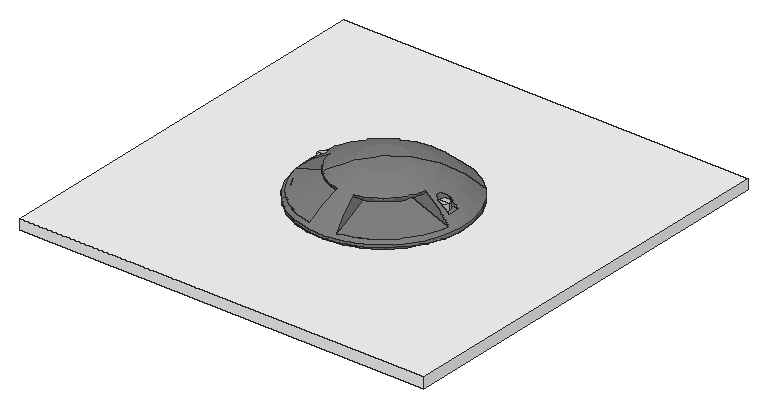
Revit family "BE_77069_de_DE", category Leuchten, Revit 2020
Family settings
  Basisbauteil = Fläche
  Bemaßung runder Anschluss = Durchmesser verwenden
  Teiletyp = Normal
  Beim Laden mit Abzugskörper schneiden = Ja
  Lichtquelle = Ja
  Gemeinsam genutzt = Nein
  Raumberechnungspunkt = Ja
Parameters (values of type "BEGA_77069_Grafit_K27")
  built-in parameter 1150104 = 8.129 (stored number, unit not read)
  Wattage = 1.2 W
  Default Elevation = 0 mm
  built-in parameter 1150113 = 1 (stored number, unit not read)
  built-in parameter 1114218 = 1 (stored number, unit not read)
  Umgebungstemperatur = "25 °C"
  URL = "https://www.bega.com/de/produkt/77069"
  Typenkommentare = "© 2022 BEGA. Wir behalten uns das Recht vor, technische Änderungen ohne vorherige Ankündigung vorzunehmen."  # constant formula
  Type Image = 77069.png
  built-in parameter 1150134 = (empty or 0)
  built-in parameter 1150109 = 1 (stored number, unit not read)
  Strom = ""
  built-in parameter 1150110 = 1 (stored number, unit not read)
  Spannung = 23.9969 V
  Sonderanfertigung = no
  Sockeltyp = ""
  Sockelanzahl = ""
  Seriennummer [instance] = "Hier können Sie die eindeutige Seriennummer für das Facility Management eintragen."
  Schutzklasse = "III"
  Schutzart = "IP 67"
  Scheinlast = 0 VA
  Produktdatenblatt = "https://cdn.bega.com/bega/products/77069K27/current/documents/data-sheets/de"
  Oberflächentemperatur = "15 °C"
  Neigungswinkel = 0.00°
  Modell = "77069K27"
  Material_17 = BEGA_Reflektor
  Material_15 = BEGA_Leuchtmedium_matt
  Material_11 = BEGA_Glas_opal
  Material_09 = BEGA_Glas_klar
  Material_06 = BEGA_Oberfläche_Edelstahl_gebürstet
  Material_03 = BEGA_Oberfläche_Weiss_matt
  Material_02 = BEGA_Oberfläche_Silber_matt
  Material_01 [instance] = BEGA_Oberfläche_Grafit_matt
  M_W = no
  M_G = yes
  M_A = no
  Logo = 0
  built-in parameter 1114217 = 1 (stored number, unit not read)
  built-in parameter 1150139 = (empty or 0)
  built-in parameter 1150105 = 8.3556 (stored number, unit not read)
  built-in parameter 1150114 = 1 (stored number, unit not read)
  Lumens = 105 lm
  built-in parameter 1150115 = 1 (stored number, unit not read)
  Leuchtenlichtstrom = "20 lm"
  Leuchtenanzahl = ""
  Lebensdauerkriterien = "L70B50 @ 25 °C = 200000 h"
  Lastklassifizierung = Beleuchtung
  built-in parameter 1150112 = 1 (stored number, unit not read)
  Lampenlichtstrom = "135 lm"
  Lampe = "LED 1.1 W"
  LED_Modulbezeichnung = "LED-0287/827"
  built-in parameter 1150142 = (empty or 0)
  Hersteller = "BEGA"  # constant formula
  Halbstreuwinkel = ""
  Gewicht = "0.95 kg"
  Gebrauchslageneinschränkung [instance] = ""
  Frequenz = ""
  Farbwiedergabeindex = "CRI > 80"
  Farbtemperaturverschiebung bei Dämpfen der Lampe = <Keine Auswahl>
  Farbtemperatur = "2700 K"
  Farbfilter = 16777215
  Erdstück = no
  built-in parameter 1150133 = 10 (stored number, unit not read)
  Energieeffizienzklasse = "LED A++ - A"
  built-in parameter 1150137 = (empty or 0)
  built-in parameter 1150132 = (empty or 0)
  Einbaugehäuse = no
  ENEC = "ja"
  Dimmbar [instance] = "on/off"
  Datei für fotometrisches Netz = "BE_77069K27.IES"
  CE_Konformität = "ja"
  Bestellnummer_Erdstück = if(Erdstück, "70894", "---")  # "---"
  Bestellnummer = "77069K27"
  Beschreibung_Sonderanfertigung = "Hier können Sie Informationen zur Sonderanfertigung eintragen."
  Beschreibung = "Bodenaufbauleuchte"
  built-in parameter 1150106 = 0.083556 (stored number, unit not read)
  Belastbarkeit = "1000 kg"
  Befestigungsbohrung = "Ø 6,5 mm"
  Befestigungsabstand = ""
  Ballwurfsicher = ""
  BEGA_Intern_aus = yes
  BEGA_Intern_an = yes
  BEGA_Intern_Konstruktion = yes
  BEGA_Intern = yes
  BEGA_IES = yes
  BEGA_Dummy = no
  Anschlussleitung = "1.8 m 05RN8-F 2 × 1²"
  Anschlussleistung [instance] = "1.3 W"
  Anschlusskasten = ""
  built-in parameter 1150107 = 3000 (stored number, unit not read)
  built-in parameter 1150102 = (empty or 0)
  built-in parameter 1150138 = (empty or 0)
  Aktualisierung = "2022-05-19T04:00:07"
  Abstand_zur_angestrahlten_Fläche [instance] = ""
  AC/DC = "DC"
Types (3, lengths in mm): name | built-in parameter 1150104 | built-in parameter 1150134 | Modell | built-in parameter 1150105 | Lumens | Leuchtenlichtstrom | Lampenlichtstrom | LED_Modulbezeichnung | Farbtemperatur | Datei für fotometrisches Netz | Bestellnummer | built-in parameter 1150106 | built-in parameter 1150107
  BEGA_77069_Grafit_K4 | 8.8258 (stored number, unit not read) | 12 | "77069K4" | 9.0718 (stored number, unit not read) | 114 lm | "21 lm" | "145 lm" | "LED-0287/840" | "4000 K" | "BE_77069K4.IES" | "77069K4" | 0.090718 (stored number, unit not read) | 4000 (stored number, unit not read)
  BEGA_77069_Grafit_K3 | 8.129 (stored number, unit not read) | (empty or 0) | "77069K3" | 8.3556 (stored number, unit not read) | 105 lm | "20 lm" | "135 lm" | "LED-0287/830" | "3000 K" | "BE_77069K3.IES" | "77069K3" | 0.083556 (stored number, unit not read) | 3000 (stored number, unit not read)
  BEGA_77069_Grafit_K27 | 8.129 (stored number, unit not read) | (empty or 0) | "77069K27" | 8.3556 (stored number, unit not read) | 105 lm | "20 lm" | "135 lm" | "LED-0287/827" | "2700 K" | "BE_77069K27.IES" | "77069K27" | 0.083556 (stored number, unit not read) | 3000 (stored number, unit not read)
Reference planes
  plane 1 "Mitte (Vorne/Hinten)": y = 0
  plane 2: z = 0
  plane 3 "Mitte (Links/Rechts)": x = 0
  plane 4 "Links": x = -80
  plane 5 "Rechts": x = 80
  plane 6 "Unten": y = -80
  plane 7 "Oben": y = 80
  plane 8 "Vorne": z = 37.765
  plane 9 "Hinten": z = 0
Forms (mm)
  Extrusion 1, solid, material "BEGA_Platte_Weiss"
    sketch origin (0, -1119.2, 0) x (1, 0, 0) y (0, 1, 0)
      loop
        line (-200, 1319.2) -> (-200, 919.2) -> (200, 919.2) -> (200, 1319.2) -> (-200, 1319.2)
    from 0 to -10
  Extrusion 2, solid, material "BEGA_Dummy_matt", visible <- "BEGA_Dummy"
    sketch origin (77.149, -76.023, 0) x (1, 0, 0) y (0, 1, 0)
      loop
        circle (-77.149, 76.023) r 79.5
    from 0 to 37.765
Dimensions and locks
  plane 1 "Mitte (Vorne/Hinten)" to Extrusion 1 = 200 mm
  aligned and locked: plane 2 to Extrusion 1
  aligned and locked: level to Extrusion 1
Nested families
  nested 1: "BE_77069" at (0, 0, 0) x (-0.7071, -0.7071, 0) z (0, 0, 1), type "BE_77069"
Connectors
  electrical at (0, 0, 0), driven by "Lastklassifizierung", driven by "Spannung", driven by "Scheinlast"
    settings: index 1, voltage 23.9969 V, apparent load 0 VA, apparent load phase1 0 VA, apparent load phase2 0 VA, apparent load phase3 0 VA, power factor 1, load classification "Beleuchtung", number of poles 1, system type 31, power factor state 1, is connector primary yes, connector utility no, sub classification motor no, connector description ""
Definition of nested family "BE_77069"
  Parameters (values of type "BE_77069")
    Default Elevation = 1 mm
    URL = "http://www.bega.de/de/produkt"
    Type Comments = "© 2015 BEGA. Wir behalten uns das Recht vor, technische Änderungen ohne vorherige Ankündigung vorzunehmen. "  # constant formula
    Type Image = (empty or 0)
    Material_17 = none
    Material_15 = none
    Material_11 = none
    Material_09 = none
    Material_06 = none
    Material_03 = none
    Material_02 = none
    Material_01 = none
    M_W = yes
    M_G = yes
    M_A = yes
    Länge_Platte = 200 mm  # constant formula
    Höhe_Platte = -10 mm  # constant formula
    Manufacturer = "BEGA"  # constant formula
    Breite_Platte = 200 mm  # constant formula
  Reference planes
    plane 1 "Mitte (Oben/Unten)": y = 0
    plane 2: z = 0
    plane 3 "Mitte (Links/Rechts)": x = 0
    plane 4 "Vorne": z = 37.765
    plane 5 "Links": x = -79.5
    plane 6 "Oben": y = 79.502
    plane 7 "Unten": y = -79.501
    plane 8: x = 79.5
  Forms (mm)
    Extrusion 1, solid, detail levels medium
      sketch origin (0, 0, 0) x (1, 0, 0) y (0, 1, 0)
        loop
          line (-100, 100) -> (-100, -100) -> (100, -100) -> (100, 100) -> (-100, 100)
      from 0 to -10 <- "Höhe_Platte"
    Revolve 2, solid, material <- "Material_01", detail levels medium+fine
      sketch origin (0, 0, 0) x (1, 0, 0) y (0, 0, 1)
        loop
          arc (0, 37.75) -> (-43.272, 28.837) -> (-79.5, 3.549) r 109.5
          line (-79.5, 3.549) -> (-79.5, 0.75)
          arc (-79.5, 0.75) -> (-79.354, 0.396) -> (-79, 0.25) r 0.5
          line (-79, 0.25) -> (-73, 0.25) -> (-73, 5.999) -> (-44.548, 5.999) -> (-44.548, 10.74) -> (-32, 10.74) -> (-32, 27.75) -> (0, 27.75) -> (0, 37.75)
        axis (0, 37.75) -> (0, 0.25)
      angle from 0 to 360
    Revolve 3, solid, material <- "Material_01", detail levels medium+fine
      sketch origin (0, 0, 0) x (1, 0, 0) y (0, 0, 1)
        loop
          line (-46.583, 2) -> (-46.583, 4) -> (-72.478, 4) -> (-72.478, 5.999) -> (-44.5, 5.999) -> (-44.5, 2) -> (-25.5, 2) -> (-25.5, 0) -> (-44.5, 0)
          arc (-44.5, 0) -> (-45.914, 0.586) -> (-46.5, 2) r 2
        axis (0, 0) -> (0, 5.999)
      angle from 0 to 360
    Revolve 4, void
      sketch origin (0, 0, 0) x (1, 0, 0) y (0, 0, 1)
        loop
          line (45.956, 24.034) -> (31.271, 23.264) -> (31.271, 15.25) -> (33, 15.25) -> (76.979, 6.701)
          arc (76.979, 6.701) -> (62.891, 18.428) -> (47.044, 27.64) r 109.498
          arc (47.044, 27.64) -> (47.771, 25.453) -> (45.956, 24.034) r 2
        axis (0, 6.701) -> (0, 27.64)
      angle from -34.969 to 35.019
    Revolve 5, void
      sketch origin (0, 0, 0) x (0, 1, 0) y (0, 0, 1)
        loop
          line (45.956, 24.034) -> (31.271, 23.264) -> (31.271, 15.25) -> (33, 15.25) -> (76.979, 6.701)
          arc (76.979, 6.701) -> (62.891, 18.428) -> (47.044, 27.64) r 109.498
          arc (47.044, 27.64) -> (47.771, 25.453) -> (45.956, 24.034) r 2
        axis (0, 6.701) -> (0, 27.64)
      angle from -35.067 to 34.981
    Revolve 6, solid, material <- "Material_17", detail levels medium+fine
      sketch origin (0, 0, 0) x (1, 0, 0) y (0, 0, 1)
        loop
          line (-21.535, 17.762) -> (-25, 14.75) -> (-25, 10.75) -> (-24.2, 10.75) -> (-24.2, 14.385) -> (-21.044, 17.128)
          arc (-21.044, 17.128) -> (-19.5, 18.621) -> (-18.127, 20.273) r 19.8
          arc (-18.127, 20.273) -> (-17.422, 21.309) -> (-16.808, 22.401) r 14.8
          arc (-16.808, 22.401) -> (-16.352, 23.468) -> (-16.041, 24.587) r 8.8
          line (-16.041, 24.587) -> (-16.824, 24.75)
          arc (-16.824, 24.75) -> (-17.107, 23.732) -> (-17.523, 22.76) r 8
          arc (-17.523, 22.76) -> (-18.103, 21.729) -> (-18.769, 20.75) r 14
          arc (-18.769, 20.75) -> (-20.072, 19.182) -> (-21.535, 17.762) r 19
        axis (0, 24.75) -> (0, 10.75)
      angle from 0 to 360
    Revolve 7, solid, material <- "Material_09", detail levels medium+fine
      sketch origin (0, 0, 0) x (1, 0, 0) y (0, 0, 1)
        loop
          line (-26.8, 12.75) -> (-26.8, 25.75) -> (-30, 25.75) -> (-30, 12.75) -> (-26.8, 12.75)
        axis (0, 12.75) -> (0, 25.75)
      angle from 0 to 360
    Revolve 8, solid, material <- "Material_06", detail levels fine
      sketch origin (0, 0, 0) x (1, 0, 0) y (0, 0, 1)
        loop
          line (-10.451, 2.25) -> (-10.451, -7.25) -> (-8.875, -7.25) -> (-8.875, -9.25)
          arc (-8.875, -9.25) -> (-7.754, -12.027) -> (-5.018, -13.247) r 4
          line (-5.018, -13.247) -> (-3.989, -13.247) -> (-3.989, 18.772) -> (-7.5, 18.772) -> (-7.5, 10.75) -> (-10.451, 10.75) -> (-10.451, 5.999) -> (-7.5, 5.999) -> (-7.5, 2.25) -> (-10.451, 2.25)
        axis (0, 18.772) -> (0, -13.247)
      angle from 0 to 360
    Extrusion 9, void
      sketch origin (0, 0, 0) x (1, 0, 0) y (0, 1, 0)
        loop
          circle (35, 0) r 3.25
      from 0 to 3.549
    Extrusion 10, void
      sketch origin (0, 0, 0) x (-0.5, 0.866025, 0) y (-0.866025, -0.5, 0)
        loop
          circle (35, 0) r 3.25
      from 0 to 3.549
    Extrusion 11, void
      sketch origin (0, 0, 0) x (-0.5, -0.866025, 0) y (0.866025, -0.5, 0)
        loop
          circle (35, 0) r 3.25
      from 0 to 3.549
    Revolve 12, void
      sketch origin (0.704, -0.715, 0) x (0.707107, -0.707107, 0) y (0, 0, 1)
        loop
          line (-66.331, 6.5) -> (-69.222, 6.5) -> (-69.222, 3.815) -> (-66.522, 3.815) -> (-66.331, 6.5)
        axis (-69.222, 3.815) -> (-69.222, 6.5)
      angle from 0 to 360
    Revolve 13, void
      sketch origin (97.169, -97.18, 0) x (0.707107, -0.707107, 0) y (0, 0, 1)
        loop
          line (-66.331, 6.5) -> (-69.222, 6.5) -> (-69.222, 3.815) -> (-66.522, 3.815) -> (-66.331, 6.5)
        axis (-69.222, 3.815) -> (-69.222, 6.5)
      angle from 0 to 360
    Revolve 14, solid, material <- "Material_06", detail levels fine
      sketch origin (-0.003, -0.008, 0) x (0.707107, -0.707107, 0) y (0, 0, 1)
        loop
          line (-68.222, 0.7) -> (-65.622, 0.7) -> (-65.622, 6.5) -> (-68.222, 6.5) -> (-68.222, 0.7)
        axis (-68.222, 0.7) -> (-68.222, 6.5)
      angle from 0 to 360
    Revolve 15, solid, material <- "Material_06", detail levels fine
      sketch origin (-0.003, -0.008, 0) x (-0.707107, 0.707107, 0) y (0, 0, -1)
        loop
          line (-68.222, -0.706) -> (-68.222, -6.5) -> (-65.622, -6.5) -> (-65.622, -0.706) -> (-68.222, -0.706)
        axis (-68.222, -0.706) -> (-68.222, -6.5)
      angle from 0 to 360
    Extrusion 16, void
      sketch origin (0, 0, 0) x (1, 0, 0) y (0, 1, 0)
        loop
          arc (-46.669, 38.184) -> (-38.184, 38.184) -> (-38.184, 46.669) r 6
          line (-38.184, 46.669) -> (-44.862, 53.347)
          arc (-44.862, 53.347) -> (-49.287, 49.287) -> (-53.347, 44.862) r 69.703
          line (-53.347, 44.862) -> (-46.669, 38.184)
        loop
          arc (46.669, -38.184) -> (38.184, -38.184) -> (38.184, -46.669) r 6
          line (38.184, -46.669) -> (44.862, -53.347)
          arc (44.862, -53.347) -> (49.287, -49.287) -> (53.347, -44.862) r 69.703
          line (53.347, -44.862) -> (46.669, -38.184)
      from 12.75 to 33.319
    Revolve 17, solid, material <- "Material_06", detail levels fine
      sketch origin (0, 0, 0) x (0.707107, -0.707107, 0) y (0, 0, 1)
        loop
          line (-55, 18.7) -> (-60, 18.7) -> (-60, 0.7) -> (-56.75, 0.7) -> (-56.75, 12.7) -> (-55, 12.7) -> (-55, 18.7)
        axis (-60, 0.7) -> (-60, 18.7)
      angle from 0 to 360
    Revolve 18, solid, material <- "Material_06", detail levels fine
      sketch origin (84.853, -84.853, 0) x (0.707107, -0.707107, 0) y (0, 0, 1)
        loop
          line (-55, 18.7) -> (-60, 18.7) -> (-60, 0.7) -> (-56.75, 0.7) -> (-56.75, 12.7) -> (-55, 12.7) -> (-55, 18.7)
        axis (-60, 0.7) -> (-60, 18.7)
      angle from 0 to 360
  Cuts and joins
    Revolve 4, Revolve 5, Extrusion 9, Revolve 12, Revolve 13, Extrusion 16 cuts Revolve 2
    Extrusion 9, Extrusion 10, Extrusion 11, Revolve 12, Revolve 13, Extrusion 16 cuts Revolve 3
  Dimensions and locks
    equal spacing: Extrusion 1 sketch curve, plane 3 "Mitte (Links/Rechts)", Extrusion 1 sketch curve
    equal spacing: Extrusion 1 sketch curve, plane 1 "Mitte (Oben/Unten)", Extrusion 1 sketch curve
    "Länge_Platte": Extrusion 1 sketch curve to Extrusion 1 sketch curve
    "Breite_Platte": Extrusion 1 sketch curve to Extrusion 1 sketch curve
    aligned and locked: Extrusion 1 to plane 2
    aligned and locked: level to Extrusion 1
  Automatic sketch dimensions
    Revolve 2 sketch curve to plane 5 "Links" = 0 mm
    Revolve 2 sketch curve to Revolve 2 sketch curve = 0.5 mm
    plane 5 "Links" to Revolve 2 sketch curve = 6.5 mm
    level to Revolve 2 sketch curve = 10.74 mm
    Revolve 2 sketch curve to Revolve 2 sketch curve = 28.452 mm
    Revolve 2 sketch curve to Revolve 2 sketch curve = 12.548 mm
    Revolve 2 sketch curve to plane 3 "Mitte (Links/Rechts)" = 0 mm
    plane 3 "Mitte (Links/Rechts)" to Revolve 2 sketch curve = 0 mm
    Revolve 2 sketch curve to Revolve 2 sketch curve = 4.741 mm
    level to Revolve 2 sketch curve = 3.549 mm
    level to Revolve 2 sketch curve = 0.75 mm
    Revolve 2 sketch curve to level = 71.75 mm
    Revolve 2 sketch curve to Revolve 2 sketch curve = 10 mm
    Revolve 2 sketch curve to Revolve 2 sketch curve = 0 mm  (x3)
    Revolve 3 sketch curve to level = 0 mm  (x2)
    Revolve 3 sketch curve to plane 3 "Mitte (Links/Rechts)" = 0 mm
    Revolve 3 sketch curve to Revolve 3 sketch curve = 25.5 mm
    level to Revolve 3 sketch curve = 5.999 mm
    Revolve 3 sketch curve to Revolve 3 sketch curve = 19 mm
    Revolve 3 sketch curve to Revolve 3 sketch curve = 0 mm  (x4)
    Revolve 3 sketch curve to Revolve 3 sketch curve = 2.083 mm
    plane 5 "Links" to Revolve 3 sketch curve = 7.022 mm
    Revolve 3 sketch curve to Revolve 3 sketch curve = 2 mm
    Revolve 3 sketch curve to Revolve 3 sketch curve = 1.999 mm
    Revolve 3 sketch curve to Revolve 3 sketch curve = 0.083 mm
    Revolve 3 sketch curve to Revolve 3 sketch curve = 3.549 mm
    Revolve 4 sketch curve to plane 3 "Mitte (Links/Rechts)" = 0 mm
    plane 3 "Mitte (Links/Rechts)" to Revolve 4 sketch curve = 0.129 mm
    level to Revolve 4 sketch curve = 15.25 mm
    plane 3 "Mitte (Links/Rechts)" to Revolve 4 sketch curve = 31.271 mm
    Revolve 4 sketch curve to Revolve 4 sketch curve = 1.729 mm
    Revolve 4 sketch curve to Revolve 4 sketch curve = 14.585 mm
    Revolve 4 sketch curve to plane 4 "Vorne" = 13.731 mm
    Revolve 4 sketch curve to Revolve 4 sketch curve = 0.099 mm
    plane 8 to Revolve 4 sketch curve = 2.521 mm
    level to Revolve 4 sketch curve = 6.701 mm
    Revolve 4 sketch curve to level = 71.298 mm
    Revolve 4 sketch curve to Revolve 4 sketch curve = 8.014 mm
    Revolve 4 sketch curve to Revolve 4 sketch curve = 1.998 mm
    level to Revolve 4 sketch curve = 14.569 mm
    Revolve 4 sketch curve to Revolve 4 sketch curve = 8.411 mm
    Revolve 5 sketch curve to level = 71.298 mm
    level to Revolve 5 sketch curve = 15.25 mm
    Revolve 5 sketch curve to Revolve 5 sketch curve = 31.142 mm
    Revolve 5 sketch curve to Revolve 5 sketch curve = 1.729 mm
    Revolve 5 sketch curve to Revolve 5 sketch curve = 14.585 mm
    Revolve 5 sketch curve to plane 4 "Vorne" = 13.731 mm
    Revolve 5 sketch curve to Revolve 5 sketch curve = 0.099 mm
    level to Revolve 5 sketch curve = 6.701 mm
    Revolve 5 sketch curve to Revolve 5 sketch curve = 31.023 mm
    Revolve 5 sketch curve to Revolve 5 sketch curve = 8.014 mm
    Revolve 5 sketch curve to Revolve 5 sketch curve = 1.998 mm
    Revolve 5 sketch curve to plane 4 "Vorne" = 14.784 mm
    Revolve 5 sketch curve to Revolve 5 sketch curve = 31.271 mm
    Revolve 5 sketch curve to Revolve 5 sketch curve = 8.411 mm
    Revolve 6 sketch curve to Revolve 6 sketch curve = 0 mm  (x8)
    Revolve 6 sketch curve to plane 3 "Mitte (Links/Rechts)" = 0 mm
    Revolve 6 sketch curve to plane 3 "Mitte (Links/Rechts)" = 16.041 mm
    Revolve 6 sketch curve to Revolve 6 sketch curve = 0.783 mm
    Revolve 6 sketch curve to Revolve 6 sketch curve = 4.22 mm
    Revolve 6 sketch curve to Revolve 6 sketch curve = 0.491 mm
    Revolve 6 sketch curve to Revolve 6 sketch curve = 3.156 mm
    Revolve 6 sketch curve to Revolve 6 sketch curve = 7.832 mm
    Revolve 6 sketch curve to Revolve 6 sketch curve = 0.8 mm
    Revolve 6 sketch curve to Revolve 6 sketch curve = 5.346 mm
    Revolve 6 sketch curve to Revolve 6 sketch curve = 4.012 mm
    level to Revolve 6 sketch curve = 10.75 mm
    Revolve 6 sketch curve to Revolve 6 sketch curve = 3.635 mm
    Revolve 6 sketch curve to Revolve 6 sketch curve = 0.365 mm
    Revolve 6 sketch curve to Revolve 6 sketch curve = 2.743 mm
    Revolve 6 sketch curve to Revolve 6 sketch curve = 0.633 mm
    Revolve 6 sketch curve to Revolve 6 sketch curve = 6.825 mm
    Revolve 6 sketch curve to Revolve 6 sketch curve = 0.163 mm
    Revolve 6 sketch curve to Revolve 6 sketch curve = 1.632 mm
    Revolve 6 sketch curve to Revolve 6 sketch curve = 2.724 mm
    Revolve 6 sketch curve to Revolve 6 sketch curve = 2.984 mm
    Revolve 6 sketch curve to Revolve 6 sketch curve = 0.767 mm
    Revolve 6 sketch curve to Revolve 6 sketch curve = 0.715 mm
    Revolve 6 sketch curve to Revolve 6 sketch curve = 1.319 mm
    Revolve 6 sketch curve to Revolve 6 sketch curve = 0.642 mm
    level to Revolve 6 sketch curve = 16.245 mm
    Revolve 6 sketch curve to Revolve 6 sketch curve = 5 mm
    Revolve 7 sketch curve to plane 3 "Mitte (Links/Rechts)" = 0 mm
    level to Revolve 7 sketch curve = 12.75 mm
    Revolve 7 sketch curve to plane 3 "Mitte (Links/Rechts)" = 26.8 mm
    Revolve 7 sketch curve to Revolve 7 sketch curve = 3.2 mm
    Revolve 7 sketch curve to plane 4 "Vorne" = 12.015 mm
    level to Revolve 7 sketch curve = 16.499 mm
    Revolve 7 sketch curve to Revolve 7 sketch curve = 5 mm
    Revolve 8 sketch curve to plane 3 "Mitte (Links/Rechts)" = 0 mm
    Revolve 8 sketch curve to plane 3 "Mitte (Links/Rechts)" = 3.989 mm
    Revolve 8 sketch curve to Revolve 8 sketch curve = 0.886 mm
    Revolve 8 sketch curve to Revolve 8 sketch curve = 1.029 mm
    Revolve 8 sketch curve to plane 3 "Mitte (Links/Rechts)" = 7.5 mm  (x2)
    level to Revolve 8 sketch curve = 2.25 mm
    Revolve 8 sketch curve to Revolve 8 sketch curve = 4 mm
    Revolve 8 sketch curve to Revolve 8 sketch curve = 1.576 mm
    Revolve 8 sketch curve to Revolve 8 sketch curve = 2.951 mm
    Revolve 8 sketch curve to level = 7.25 mm
    Revolve 8 sketch curve to Revolve 8 sketch curve = 2 mm
    Revolve 8 sketch curve to Revolve 8 sketch curve = 0 mm  (x3)
    Revolve 8 sketch curve to Revolve 8 sketch curve = 3.749 mm
    Revolve 8 sketch curve to Revolve 8 sketch curve = 4.751 mm
    Revolve 8 sketch curve to Revolve 8 sketch curve = 8.022 mm
    plane 1 "Mitte (Oben/Unten)" to Extrusion 9 sketch curve = 0 mm
    plane 3 "Mitte (Links/Rechts)" to Extrusion 9 sketch curve = 35 mm
    Extrusion 10 sketch curve to plane 3 "Mitte (Links/Rechts)" = 17.5 mm
    Extrusion 10 sketch curve to plane 1 "Mitte (Oben/Unten)" = 30.311 mm
    Extrusion 11 sketch curve to plane 3 "Mitte (Links/Rechts)" = 17.5 mm
    plane 1 "Mitte (Oben/Unten)" to Extrusion 11 sketch curve = 30.311 mm
    level to Revolve 12 sketch curve = 3.815 mm
    Revolve 12 sketch curve to Revolve 12 sketch curve = 0 mm  (x2)
    Revolve 12 sketch curve to Revolve 12 sketch curve = 2.7 mm
    level to Revolve 12 sketch curve = 6.5 mm
    Revolve 12 sketch curve to Revolve 12 sketch curve = 0.191 mm
    Revolve 12 sketch curve to Revolve 12 sketch curve = 0.185 mm
    Revolve 12 sketch curve to Revolve 12 sketch curve = 0.949 mm
    level to Revolve 13 sketch curve = 3.815 mm
    Revolve 13 sketch curve to Revolve 13 sketch curve = 0 mm  (x2)
    Revolve 13 sketch curve to Revolve 13 sketch curve = 2.7 mm
    level to Revolve 13 sketch curve = 6.5 mm
    Revolve 13 sketch curve to Revolve 13 sketch curve = 0.191 mm
    Revolve 13 sketch curve to Revolve 13 sketch curve = 0.185 mm
    Revolve 13 sketch curve to Revolve 13 sketch curve = 0.949 mm
    level to Revolve 14 sketch curve = 0.7 mm
    Revolve 14 sketch curve to Revolve 14 sketch curve = 2.6 mm
    Revolve 14 sketch curve to Revolve 14 sketch curve = 5.8 mm
    Revolve 14 sketch curve to Revolve 14 sketch curve = 0 mm  (x2)
    Revolve 14 sketch curve to Revolve 14 sketch curve = 2.5 mm
    level to Revolve 15 sketch curve = 0.706 mm
    Revolve 15 sketch curve to Revolve 15 sketch curve = 2.6 mm
    Revolve 15 sketch curve to Revolve 15 sketch curve = 5.794 mm
    Revolve 15 sketch curve to Revolve 15 sketch curve = 0 mm  (x2)
    Revolve 15 sketch curve to Revolve 15 sketch curve = 2.5 mm
    plane 5 "Links" to Extrusion 16 sketch curve = 26.153 mm
    Extrusion 16 sketch curve to plane 6 "Oben" = 26.155 mm
    Extrusion 16 sketch curve to Extrusion 16 sketch curve = 8.485 mm  (x2)
    Extrusion 16 sketch curve to Extrusion 16 sketch curve = 10.92 mm  (x2)
    Extrusion 16 sketch curve to plane 3 "Mitte (Links/Rechts)" = 0 mm
    plane 3 "Mitte (Links/Rechts)" to Extrusion 16 sketch curve = 0 mm
    plane 8 to Extrusion 16 sketch curve = 37.074 mm
    Extrusion 16 sketch curve to Extrusion 16 sketch curve = 2.435 mm  (x3)
    Extrusion 16 sketch curve to plane 1 "Mitte (Oben/Unten)" = 0 mm
    plane 7 "Unten" to Extrusion 16 sketch curve = 37.075 mm
    Extrusion 16 sketch curve to Extrusion 16 sketch curve = 4.243 mm  (x6)
    Extrusion 16 sketch curve to Extrusion 16 sketch curve = 0 mm  (x8)
    level to Revolve 17 sketch curve = 0.7 mm  (x2)
    level to Revolve 17 sketch curve = 18.7 mm
    Revolve 17 sketch curve to Revolve 17 sketch curve = 0 mm  (x5)
    Revolve 17 sketch curve to Revolve 17 sketch curve = 3.25 mm
    Revolve 17 sketch curve to Revolve 17 sketch curve = 5 mm
    Revolve 17 sketch curve to Revolve 17 sketch curve = 6 mm
    Revolve 17 sketch curve to Revolve 17 sketch curve = 0.14 mm
    level to Revolve 18 sketch curve = 0.7 mm  (x2)
    level to Revolve 18 sketch curve = 18.7 mm
    Revolve 18 sketch curve to Revolve 18 sketch curve = 0 mm  (x5)
    Revolve 18 sketch curve to Revolve 18 sketch curve = 3.25 mm
    Revolve 18 sketch curve to Revolve 18 sketch curve = 5 mm
    Revolve 18 sketch curve to Revolve 18 sketch curve = 6 mm
    Revolve 18 sketch curve to Revolve 18 sketch curve = 0.14 mm
    radius of Extrusion 9 sketch curve = 3.25 mm
    radius of Extrusion 10 sketch curve = 3.25 mm
    radius of Extrusion 11 sketch curve = 3.25 mm
